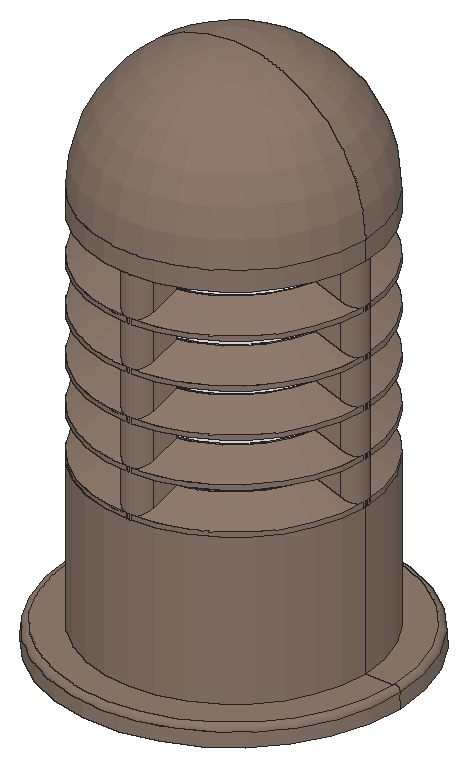
Revit family "BL4801", category Generic Models, Revit 2014
Parameters
  TOP CAP = Bronze, Architectural
  LOUVERS = Bronze, Architectural
  LENS = Acrylic
  BODY = Bronze, Architectural
Reference planes (in)
  plane 1 "Center (Front/Back)": y = 0
  plane 2: z = 0
  plane 3 "Center (Left/Right)": x = 0
Forms (in)
  Revolve 1, solid, material "Bronze, Architectural" <- "TOP CAP"
    sketch origin (0, 0, 0) x (1, 0, 0) y (0, 0, 1)
      loop
        line (0, 10.49914) -> (0, 7.56164) -> (2.5625, 7.56164) -> (2.5625, 7.93664)
        arc (2.5625, 7.93664) -> (1.81196, 9.7486) -> (0, 10.49914) r 2.5625
      axis (0, 10.49914) -> (0, 7.56164)
    angle from 0 to 360
  Revolve 2, solid, material "Bronze, Architectural" <- "BODY"
    sketch origin (0, 0, 0) x (1, 0, 0) y (0, 0, 1)
      loop
        arc (3.23695, 0.26014) -> (3.20356, 0.34075) -> (3.12294, 0.37414) r 0.11401
        line (3.12294, 0.37414) -> (2.5625, 0.37414) -> (2.5625, 3.28421) -> (0, 3.28421) -> (0, 0) -> (3.24996, 0) -> (3.23681, 0.26577)
      axis (0, 3.28421) -> (0, 0)
    angle from 0 to 360
  Revolve 3, solid, material "Bronze, Architectural" <- "LOUVERS"
    sketch origin (0, 0, 0) x (1, 0, 0) y (0, 0, 1)
      loop
        line (1.96158, 7.15164) -> (0, 7.15164) -> (0, 6.69914) -> (2.5625, 6.69914) -> (2.5625, 6.78914) -> (1.96158, 7.15164)
      axis (0, 6.69914) -> (0, 7.15164)
    angle from 0 to 360
  Revolve 4, solid, material "Bronze, Architectural" <- "LOUVERS"
    sketch origin (0, 0, -0.8625) x (1, 0, 0) y (0, 0, 1)
      loop
        line (1.96158, 7.15164) -> (0, 7.15164) -> (0, 6.69914) -> (2.5625, 6.69914) -> (2.5625, 6.78914) -> (1.96158, 7.15164)
      axis (0, 6.69914) -> (0, 7.15164)
    angle from 0 to 360
  Revolve 5, solid, material "Bronze, Architectural" <- "LOUVERS"
    sketch origin (0, 0, -1.725) x (1, 0, 0) y (0, 0, 1)
      loop
        line (1.96158, 7.15164) -> (0, 7.15164) -> (0, 6.69914) -> (2.5625, 6.69914) -> (2.5625, 6.78914) -> (1.96158, 7.15164)
      axis (0, 6.69914) -> (0, 7.15164)
    angle from 0 to 360
  Revolve 6, solid, material "Bronze, Architectural" <- "LOUVERS"
    sketch origin (0, 0, -2.5875) x (1, 0, 0) y (0, 0, 1)
      loop
        line (1.96158, 7.15164) -> (0, 7.15164) -> (0, 6.69914) -> (2.5625, 6.69914) -> (2.5625, 6.78914) -> (1.96158, 7.15164)
      axis (0, 6.69914) -> (0, 7.15164)
    angle from 0 to 360
  Revolve 7, solid, material "Bronze, Architectural" <- "LOUVERS"
    sketch origin (0, 0, -3.415) x (1, 0, 0) y (0, 0, 1)
      loop
        line (1.96158, 7.15164) -> (0, 7.15164) -> (0, 6.69914) -> (2.5625, 6.69914) -> (2.5625, 6.78914) -> (1.96158, 7.15164)
      axis (0, 6.69914) -> (0, 7.15164)
    angle from 0 to 360
  Extrusion 8, solid, material "Bronze, Architectural" <- "LOUVERS"
    sketch origin (-92.93009, 25.74504, 1.11285) x (0, -1, 0) y (1, 0, 0)
      loop
        line (28.06952, 93.23336) -> (27.65514, 93.33634) -> (27.65514, 92.52384) -> (28.06952, 92.62681)
        arc (28.06952, 92.62681) -> (28.30666, 92.93009) -> (28.06952, 93.23336) r 0.3125
    from 2.17136 to 6.44879
  Extrusion 9, solid, material "Bronze, Architectural" <- "LOUVERS"
    sketch origin (25.74504, 92.93009, 1.11285) x (-1, 0, 0) y (0, -1, 0)
      loop
        line (28.06952, 93.23336) -> (27.65514, 93.33634) -> (27.65514, 92.52384) -> (28.06952, 92.62681)
        arc (28.06952, 92.62681) -> (28.30666, 92.93009) -> (28.06952, 93.23336) r 0.3125
    from 2.17136 to 6.44879
  Extrusion 10, solid, material "Bronze, Architectural" <- "LOUVERS"
    sketch origin (-25.74504, -92.93009, 1.11285) x (1, 0, 0) y (0, 1, 0)
      loop
        line (28.06952, 93.23336) -> (27.65514, 93.33634) -> (27.65514, 92.52384) -> (28.06952, 92.62681)
        arc (28.06952, 92.62681) -> (28.30666, 92.93009) -> (28.06952, 93.23336) r 0.3125
    from 2.17136 to 6.44879
  Extrusion 11, solid, material "Bronze, Architectural" <- "LOUVERS"
    sketch origin (92.93009, -25.74504, 1.11285) x (0, 1, 0) y (-1, 0, 0)
      loop
        line (28.06952, 93.23336) -> (27.65514, 93.33634) -> (27.65514, 92.52384) -> (28.06952, 92.62681)
        arc (28.06952, 92.62681) -> (28.30666, 92.93009) -> (28.06952, 93.23336) r 0.3125
    from 2.17136 to 6.44879
  Revolve 12, solid, material "Acrylic" <- "LENS"
    sketch origin (0, 0, 0) x (1, 0, 0) y (0, 0, 1)
      loop
        line (-1.9101, 3.28421) -> (0, 3.28421) -> (0, 7.56164) -> (-1.9101, 7.56164) -> (-1.9101, 3.28421)
      axis (0, 7.56164) -> (0, 3.28421)
    angle from 0 to 360
Dimensions and locks (in)
  aligned and locked: plane 2 to level
